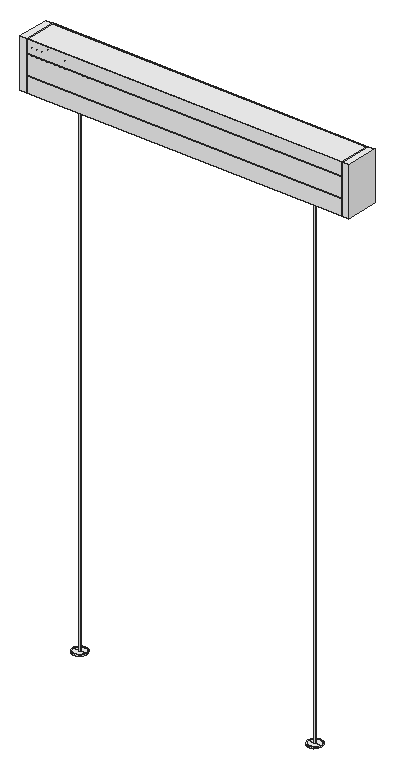
Revit family "2.3 inch  MAGIC WALL WASH LINEAR LIGHT", category Lighting Fixtures, host Face, Revit 2020 (continued)
Types (17): name | Wattage Comments | Wattage | Wall Mount | Suspenders Distance | Surface Mount | Recessed Mount | Photometric Web File | Pendent Mount | Order number | built-in parameter 1150142 | Model | built-in parameter 1150105 | Lumens | Light Source Height | Light Source Distance | built-in parameter 1150106 | Fixture Length
    0.83    45.77    41.37    38.77    36.20    33.66    31.14    \r\n 28.64    26.17    23.71    21.27    18.85    16.44    14.04    11.64    9.26     6.88     \r\n 4.50     4.52     4.54     4.56     4.57     4.59     4.61     4.63     4.65     4.66     \r\n 4.68     4.70     4.71     4.73     4.74     4.76     4.77     4.78     4.79     4.80     \r\n 4.81     4.82     4.83     4.84     4.85     4.86     4.87     4.88     4.89     4.90     \r\n 4.91     4.93     4.94     4.93     4.92     4.91     4.90     4.88     4.87     4.85     \r\n 4.83     4.81     4.79     4.77     4.75     4.73     4.71     4.68     4.66     4.64     \r\n 4.61     4.59     4.56     4.54     4.52     4.50     4.48     4.46     4.44     4.43     \r\n 4.40     4.38     4.36     4.33     4.31     4.28     4.26     4.24     4.22     4.21     \r\n 4.21     4.21     4.23     4.25     4.27     4.31     4.34     4.38     4.42     4.46     \r\n 4.51     4.55     4.60     4.65     4.70     4.76     4.82     4.88     4.94     5.00     \r\n 5.06     5.12     5.19     5.25     5.31     5.37     5.43     5.49     5.55     5.61     \r\n 5.66     5.71     5.76     5.80     5.84     5.88     5.92     5.96     5.99     6.03     \r\n 6.06     6.09     6.11     6.14     6.16     6.18     6.20     6.22     6.24     6.25     \r\n 6.26     6.26     6.26     6.27     6.26     6.25     6.25     6.24     6.23     6.22     \r\n 6.19     6.16     6.11     6.07     6.02     5.99     5.95     5.92     5.88     5.85     \r\n 5.82     5.79     5.76     5.73     5.70     5.67     5.64     5.61     5.57     5.54     \r\n 5.51     5.48     5.45     5.41     5.38     5.34     5.29     5.25     5.20     5.16     \r\n 5.11     5.07     5.03     4.99     4.94     4.90     4.86     4.82     4.77     4.73     \r\n 4.69     4.65     4.61     4.57     4.53     4.50     4.45     4.41     4.37     4.31     \r\n 4.26     \r\n1793.11  1779.69  1766.28  1752.30  1737.88  1723.48  1709.25  1695.02  1680.56  1665.96  \r\n 1651.33  1636.64  1621.93  1606.43  1590.73  1574.88  1558.73  1542.63  1525.91  1509.13  \r\n 1492.25  1475.24  1458.27  1440.41  1422.56  1404.98  1387.62  1370.22  1352.28  1334.39  \r\n 1316.50  1298.62  1280.85  1263.60  1246.42  1229.51  1212.77  1196.07  1179.44  1162.87  \r\n 1147.32  1132.28  1117.23  1102.11  1087.10  1072.56  1058.25  1044.10  1030.59  1017.13  \r\n 1004.28  990.03   975.73   961.75   947.88   934.12   920.46   906.92   893.96   881.09   \r\n 868.72   856.90   845.16   833.54   822.00   810.61   799.44   788.36   777.52   766.85   \r\n 756.27   746.03   735.89   725.96   716.25   706.59   697.00   687.46   678.01   668.89   \r\n 659.85   650.94   642.19   633.50   624.94   616.49   608.11   599.94   591.83   583.74   \r\n 575.49   566.41   556.99   547.91   538.91   529.99   521.16   512.38   503.75   495.28   \r\n 486.86   478.44   470.04   461.68   453.46   445.35   437.31   429.40   421.59   413.83   \r\n 406.16   398.61   391.14   383.70   376.14   368.62   361.14   354.04   347.00   340.00   \r\n 333.04   325.44   317.57   309.79   302.18   294.61   287.08   279.52   271.94   264.44   \r\n 257.02   249.72   242.48   235.29   228.17   221.04   213.98   206.99   200.07   193.24   \r\n 186.50   179.83   173.23   166.71   160.37   154.17   148.01   141.91   135.86   129.91   \r\n 124.01   118.16   112.34   106.57   100.83   95.06    89.33    83.66    78.04    72.48    \r\n 66.97    61.51    56.10    51.88    48.95    46.05    43.16    40.30    37.46    34.64    \r\n 31.84    29.05    26.28    23.52    20.77    18.03    15.30    12.58    9.86     7.14     \r\n 4.43     4.45     4.46     4.48     4.49     4.51     4.52     4.54     4.55     4.57     \r\n 4.58     4.60     4.61     4.62     4.64     4.65     4.66     4.67     4.69     4.70     \r\n 4.71     4.72     4.74     4.75     4.76     4.77     4.79     4.80     4.81     4.83     \r\n 4.84     4.85     4.87     4.88     4.89     4.90     4.91     4.91     4.89     4.87     \r\n 4.85     4.83     4.81     4.79     4.76     4.74     4.72     4.69     4.67     4.64     \r\n 4.61     4.58     4.54     4.49     4.44     4.38     4.31     4.24     4.16     4.09     \r\n 4.02     4.00     3.98     3.97     3.97     3.98     4.00     4.02     4.05     4.08     \r\n 4.11     4.14     4.18     4.22     4.26     4.30     4.35     4.39     4.43     4.48     \r\n 4.52     4.57     4.62     4.67     4.73     4.78     4.84     4.90     4.96     5.02     \r\n 5.09     5.15     5.22     5.28     5.34     5.39     5.45     5.50     5.55     5.60     \r\n 5.64     5.68     5.73     5.77     5.81     5.85     5.89     5.92     5.96     6.00     \r\n 6.03     6.07     6.11     6.15     6.18     6.22     6.24     6.27     6.29     6.30     \r\n 6.31     6.31     6.31     6.31     6.30     6.30     6.28     6.25     6.23     6.18     \r\n 6.14     6.09     6.05     6.01     5.98     5.95     5.92     5.89     5.86     5.83     \r\n 5.80     5.77     5.74     5.71     5.68     5.65     5.62     5.59     5.56     5.53     \r\n 5.50     5.47     5.44     5.40     5.36     5.31     5.27     5.22     5.18     5.13     \r\n 5.09     5.05     5.01     4.96     4.92     4.88     4.84     4.80     4.76     4.72     \r\n 4.68     4.64     4.60     4.56     4.52     4.49     4.45     4.41     4.36     4.31     \r\n 4.26     \r\n1793.11  1780.24  1767.38  1754.16  1740.35  1726.56  1712.90  1699.29  1685.62  1671.66  \r\n 1657.67  1643.64  1629.56  1615.46  1600.53  1585.55  1570.45  1555.10  1539.80  1524.04  \r\n 1508.08  1492.13  1475.99  1459.87  1443.41  1426.47  1409.55  1392.96  1376.44  1359.85  \r\n 1342.92  1326.05  1309.19  1292.32  1275.49  1259.20  1243.06  1227.03  1211.28  1195.59  \r\n 1179.97  1164.44  1148.99  1134.58  1120.42  1106.32  1090.69  1074.59  1058.76  1043.28  \r\n 1027.94  1013.12  998.55   984.08   970.43   956.88   943.50   930.51   917.64   904.87   \r\n 892.20   879.64   867.44   855.45   843.56   832.39   821.40   810.49   799.70   788.99   \r\n 778.39   768.04   757.76   747.65   737.81   728.04   718.49   709.23   700.05   690.97   \r\n 681.94   672.97   664.09   655.31   646.39   636.40   626.63   616.91   607.29   597.79   \r\n 588.37   579.05   569.86   560.72   551.67   542.82   534.04   525.32   516.49   507.75   \r\n 499.08   490.73   482.51   474.37   466.25   458.12   450.05   442.05   434.31   426.63   \r\n 419.01   411.37   403.70   396.09   388.53   380.70   372.36   364.07   355.85   347.69   \r\n 339.59   331.56   323.62   315.82   308.05   300.33   292.63   284.92   277.28   269.72   \r\n 262.24   254.88   247.58   240.31   233.10   225.94   218.88   211.88   204.92   198.01   \r\n 191.31   184.69   178.13   171.61   165.15   158.73   152.39   146.11   139.87   133.67   \r\n 127.51   121.39   115.29   109.22   103.19   97.20    91.24    85.31    79.42    73.55    \r\n 67.72    63.30    60.06    56.84    53.64    50.47    47.31    44.17    41.04    37.93    \r\n 34.83    31.75    28.68    25.62    22.56    19.52    16.48    13.45    10.42    7.39     \r\n 4.36     4.38     4.39     4.40     4.41     4.42     4.43     4.44     4.46     4.47     \r\n 4.48     4.49     4.50     4.51     4.52     4.53     4.54     4.55     4.56     4.57     \r\n 4.58     4.59     4.60     4.62     4.63     4.64     4.66     4.67     4.68     4.69     \r\n 4.71     4.72     4.73     4.75     4.76     4.77     4.79     4.80     4.82     4.83     \r\n 4.85     4.84     4.80     4.75     4.70     4.65     4.61     4.56     4.51     4.46     \r\n 4.42     4.37     4.33     4.29     4.25     4.21     4.18     4.14     4.11     4.08     \r\n 4.05     4.02     4.00     3.98     3.96     3.95     3.97     3.99     4.02     4.05     \r\n 4.09     4.13     4.17     4.22     4.26     4.30     4.34     4.39     4.43     4.48     \r\n 4.53     4.58     4.63     4.69     4.75     4.82     4.88     4.94     5.00     5.05     \r\n 5.12     5.18     5.24     5.30     5.36     5.42     5.49     5.54     5.58     5.63     \r\n 5.67     5.72     5.77     5.82     5.87     5.92     5.97     6.02     6.08     6.13     \r\n 6.19     6.23     6.27     6.31     6.33     6.36     6.37     6.38     6.38     6.38     \r\n 6.37     6.36     6.35     6.32     6.30     6.27     6.23     6.19     6.15     6.11     \r\n 6.07     6.04     6.01     5.97     5.94     5.91     5.88     5.85     5.82     5.79     \r\n 5.77     5.74     5.71     5.68     5.65     5.63     5.60     5.57     5.55     5.52     \r\n 5.48     5.45     5.41     5.36     5.32     5.27     5.23     5.19     5.14     5.10     \r\n 5.06     5.02     4.98     4.94     4.90     4.86     4.82     4.78     4.74     4.70     \r\n 4.66     4.62     4.58     4.55     4.51     4.48     4.44     4.40     4.36     4.31     \r\n 4.26     \r\n1793.11  1780.90  1768.68  1756.33  1743.25  1730.18  1717.18  1704.27  1691.38  1678.33  \r\n 1665.08  1651.82  1638.50  1625.15  1611.78  1597.75  1583.60  1569.46  1555.01  1540.61  \r\n 1526.15  1511.14  1496.15  1481.13  1465.99  1450.89  1435.45  1419.57  1403.73  1388.06  \r\n 1372.51  1356.96  1341.25  1325.51  1309.82  1294.10  1278.40  1262.75  1247.69  1232.75  \r\n 1217.88  1203.27  1187.35  1170.14  1153.11  1136.19  1119.52  1103.98  1088.59  1073.35  \r\n 1058.30  1043.38  1028.66  1014.41  1000.32  986.42   972.85   959.39   946.12   933.46   \r\n 920.89   908.45   896.55   884.78   873.12   861.52   850.04   838.67   827.63   816.71   \r\n 805.89   795.59   785.50   775.49   765.58   755.77   746.03   736.44   727.04   716.84   \r\n 706.00   695.47   685.02   674.64   664.60   654.69   644.86   635.05   625.27   615.58   \r\n 605.96   596.55   587.23   578.00   568.88   559.87   550.91   542.01   533.34   524.76   \r\n 516.25   507.79   499.35   490.97   482.63   474.47   466.51   458.60   450.77   442.94   \r\n 434.50   425.56   416.69   407.99   399.45   390.97   382.54   374.13   365.69   357.31   \r\n 349.01   340.77   332.71   324.72   316.78   308.89   301.04   293.20   285.43   277.72   \r\n 270.07   262.50   255.03   247.61   240.24   232.92   225.73   218.73   211.77   204.86   \r\n 197.99   191.17   184.39   177.62   170.88   164.19   157.55   150.96   144.40   137.90   \r\n 131.44   125.03   118.64   112.29   105.96   99.66    93.38    87.13    80.90    75.91    \r\n 72.36    68.83    65.32    61.83    58.35    54.90    51.45    48.02    44.61    41.20    \r\n 37.81    34.43    31.05    27.69    24.33    20.98    17.63    14.29    10.95    7.61     \r\n 4.28     4.29     4.29     4.30     4.31     4.32     4.33     4.34     4.35     4.36     \r\n 4.37     4.37     4.38     4.39     4.40     4.40     4.41     4.42     4.42     4.43     \r\n 4.44     4.44     4.45     4.46     4.48     4.49     4.50     4.51     4.52     4.54     \r\n 4.55     4.56     4.57     4.58     4.58     4.59     4.60     4.61     4.62     4.63     \r\n 4.64     4.65     4.65     4.66     4.67     4.65     4.60     4.56     4.53     4.49     \r\n 4.46     4.42     4.39     4.36     4.33     4.30     4.28     4.25     4.23     4.21     \r\n 4.18     4.16     4.14     4.12     4.10     4.09     4.08     4.07     4.06     4.05     \r\n 4.04     4.05     4.10     4.16     4.22     4.28     4.33     4.37     4.42     4.47     \r\n 4.52     4.58     4.64     4.69     4.74     4.80     4.85     4.91     4.97     5.04     \r\n 5.10     5.16     5.23     5.30     5.36     5.44     5.51     5.59     5.68     5.77     \r\n 5.86     5.97     6.06     6.13     6.20     6.25     6.31     6.35     6.39     6.42     \r\n 6.44     6.45     6.46     6.46     6.45     6.44     6.43     6.42     6.40     6.39     \r\n 6.36     6.32     6.29     6.26     6.23     6.19     6.17     6.14     6.11     6.08     \r\n 6.05     6.02     5.99     5.96     5.92     5.89     5.86     5.82     5.78     5.75     \r\n 5.73     5.70     5.68     5.66     5.63     5.61     5.58     5.55     5.52     5.49     \r\n 5.44     5.40     5.35     5.31     5.27     5.22     5.18     5.14     5.10     5.06     \r\n 5.02     4.98     4.94     4.90     4.86     4.82     4.79     4.75     4.71     4.67     \r\n 4.64     4.60     4.57     4.54     4.50     4.47     4.43     4.39     4.35     4.31     \r\n 4.26     \r\n1793.11  1781.64  1770.17  1758.71  1746.54  1734.30  1722.07  1709.94  1697.87  1685.80  \r\n 1673.52  1661.10  1648.67  1636.19  1623.68  1611.15  1598.32  1585.10  1571.90  1558.65  \r\n 1545.24  1531.89  1518.48  1504.54  1490.63  1476.75  1462.72  1448.73  1434.78  1420.21  \r\n 1405.54  1390.90  1376.40  1361.96  1347.52  1333.05  1318.58  1304.17  1289.79  1273.93  \r\n 1256.37  1238.96  1222.21  1205.57  1189.04  1172.84  1156.84  1140.99  1125.24  1109.57  \r\n 1094.02  1078.82  1064.66  1050.64  1036.76  1022.99  1009.35  995.83   982.69   969.90   \r\n 957.27   944.78   932.40   920.13   907.95   896.20   884.68   873.24   862.03   851.38   \r\n 840.84   830.41   820.05   809.77   799.61   787.76   776.12   764.58   753.15   742.02   \r\n 731.17   720.41   709.74   699.19   688.74   678.37   668.11   658.12   648.22   638.43   \r\n 628.73   619.17   609.69   600.28   590.98   581.94   572.98   564.09   555.26   546.46   \r\n 537.74   529.09   520.51   512.15   503.88   495.70   486.37   476.93   467.50   458.14   \r\n 448.86   439.65   430.69   421.80   412.97   404.20   395.48   386.78   378.15   369.59   \r\n 361.10   352.69   344.45   336.27   328.14   320.06   312.04   304.01   296.00   288.04   \r\n 280.13   272.27   264.46   256.91   249.49   242.11   234.78   227.49   220.24   213.03   \r\n 205.85   198.71   191.61   184.55   177.53   170.55   163.60   156.70   149.84   143.01   \r\n 136.22   129.46   122.72   116.02   109.34   102.69   96.07    90.00    86.13    82.27    \r\n 78.43    74.61    70.81    67.02    63.24    59.48    55.73    52.00    48.28    44.57    \r\n 40.86    37.17    33.49    29.81    26.14    22.47    18.81    15.15    11.49    7.84     \r\n 4.19     4.19     4.20     4.21     4.21     4.22     4.22     4.23     4.23     4.24     \r\n 4.24     4.25     4.25     4.26     4.26     4.27     4.27     4.28     4.28     4.28     \r\n 4.29     4.29     4.29     4.30     4.30     4.31     4.32     4.33     4.33     4.34     \r\n 4.35     4.35     4.36     4.36     4.37     4.37     4.37     4.37     4.37     4.37     \r\n 4.36     4.36     4.36     4.35     4.35     4.35     4.34     4.34     4.33     4.30     \r\n 4.28     4.26     4.23     4.21     4.19     4.18     4.17     4.16     4.16     4.15     \r\n 4.14     4.13     4.12     4.11     4.11     4.11     4.11     4.11     4.12     4.13     \r\n 4.13     4.14     4.15     4.16     4.18     4.21     4.27     4.33     4.39     4.45     \r\n 4.52     4.58     4.64     4.70     4.76     4.82     4.88     4.95     5.02     5.10     \r\n 5.17     5.26     5.34     5.44     5.53     5.62     5.71     5.81     5.91     6.00     \r\n 6.09     6.19     6.27     6.35     6.42     6.50     6.55     6.54     6.53     6.52     \r\n 6.51     6.50     6.49     6.47     6.45     6.42     6.40     6.37     6.35     6.32     \r\n 6.30     6.27     6.25     6.22     6.20     6.18     6.15     6.12     6.10     6.07     \r\n 6.04     6.01     5.98     5.94     5.91     5.87     5.84     5.81     5.78     5.75     \r\n 5.72     5.69     5.66     5.64     5.61     5.58     5.55     5.50     5.46     5.41     \r\n 5.37     5.33     5.29     5.24     5.20     5.16     5.12     5.08     5.05     5.01     \r\n 4.97     4.93     4.90     4.86     4.82     4.79     4.75     4.72     4.68     4.65     \r\n 4.62     4.58     4.55     4.52     4.49     4.45     4.42     4.39     4.34     4.30     \r\n 4.26     \r\n1793.11  1782.47  1771.83  1761.20  1750.21  1738.88  1727.56  1716.25  1705.08  1693.91  \r\n 1682.76  1671.44  1659.95  1648.45  1636.94  1625.36  1613.77  1602.16  1590.25  1578.09  \r\n 1565.93  1553.80  1541.52  1529.28  1517.10  1504.66  1491.92  1479.21  1466.53  1453.75  \r\n 1440.99  1428.28  1415.35  1401.99  1388.65  1375.35  1362.13  1346.05  1329.21  1312.49  \r\n 1295.92  1279.48  1263.15  1246.91  1230.77  1214.76  1198.89  1183.45  1168.21  1153.07  \r\n 1138.08  1123.52  1109.11  1094.83  1080.63  1066.40  1052.28  1038.28  1025.02  1012.39  \r\n 999.90   987.56   975.25   963.03   950.93   938.95   927.50   916.28   905.21   894.27   \r\n 883.23   870.95   858.09   845.38   833.05   820.91   808.88   796.97 
